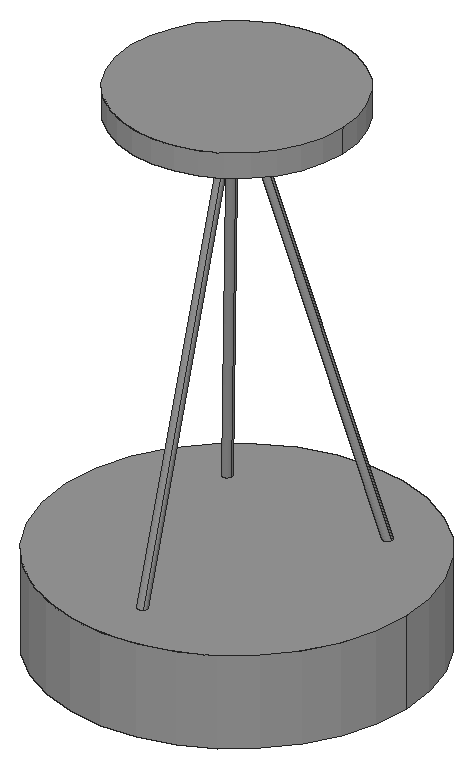
Revit family "METEOR_XS_28W_4000K_2240LM", category Lighting Fixtures, host Ceiling, Revit 2021
Family settings
  Host = Ceiling
  Round Connector Dimension = Use Diameter
  Part Type = Normal
  OmniClass Number = 23.80.70.11
  OmniClass Title = Luminaries for Internal Lighting
  Always vertical = Yes
  Cut with Voids When Loaded = No
  Light Source = Yes
  Shared = No
  Room Calculation Point = No
Parameters (values of type "Type 1")
  Wattage = 15.0799 W
  built-in parameter 1150110 = 1 (stored number, unit not read)
  Type de lampe = "LED Hongli"
  Type = "Plafonnier"
  built-in parameter 1114217 = 1 (stored number, unit not read)
  Tilt Angle = 90.00°
  built-in parameter 1150109 = 1 (stored number, unit not read)
  built-in parameter 1150134 = 12
  built-in parameter 1150113 = 1 (stored number, unit not read)
  Puissance nominale = "28W"
  Photometric Web File = "google_eulumdat_converter (22).ies"
  Matériau = "Corps en métal"
  Lumens = 2240 lm
  built-in parameter 1150115 = 1 (stored number, unit not read)
  built-in parameter 1150105 = 178.25 (stored number, unit not read)
  built-in parameter 1150137 = (empty or 0)
  built-in parameter 1150139 = (empty or 0)
  built-in parameter 1150112 = 1 (stored number, unit not read)
  built-in parameter 1150114 = 1 (stored number, unit not read)
  built-in parameter 1150132 = 2
  built-in parameter 1150102 = (empty or 0)
  built-in parameter 1150138 = (empty or 0)
  built-in parameter 1150107 = 4000 (stored number, unit not read)
  built-in parameter 1150106 = 1.7825 (stored number, unit not read)
  IRC = ">80"
  Fintion = "Blanc"
  built-in parameter 1150104 = 13.8 (stored number, unit not read)
  Driver = "Lifud No Flicker"
  Dimming Lamp Color Temperature Shift = <None>
  Dimensions = "Ø400 mm, H : 98 mm"
  Diffuseur = "Acrylique"
  Default Elevation = 0 mm
  Color Filter = 16777215
  built-in parameter 1114218 = 1 (stored number, unit not read)
  built-in parameter 1150133 = 10 (stored number, unit not read)
  Angle d'éclairage = "120°"
  Alimentation luminaire = "700mA / 25-42V dc"
  Alimentation Driver = "AC 220-240V"
Reference planes
  plane 1 "Light Source Axis (F/B)": y = 0
  plane 2: z = 0
  plane 3 "Light Source Axis (L/R)": x = 0
  plane 4 "Ceiling": z = 4000
  plane 5 "Light Source Elevation": z = 3411.095
Forms (mm)
  Extrusion 1, solid, material "Metal, Paint Finish, White, Matte"
    sketch origin (0, 0, 4000) x (0, 1, 0) y (-1, 0, 0)
      loop
        circle (0, 0) r 125
    from 0 to -27
  Extrusion 2, solid, material "Metal, Paint Finish, White, Matte"
    sketch origin (0, 0, 4000) x (0, 1, 0) y (-1, 0, 0)
      loop
        circle (0, 0) r 200
    from -587 to -489
  Extrusion 3, void
    sketch origin (0, 0, 4000) x (0, 1, 0) y (-1, 0, 0)
      loop
        circle (0, 0) r 195
    from -678.449 to -509.32
  Extrusion 4, solid, material "Glass, White, High Luminance"
    sketch origin (0, 0, 4000) x (0, 1, 0) y (-1, 0, 0)
      loop
        circle (0, 0) r 195
    from -587 to -582.901
  Blend 5, solid, material "Metal, Paint Finish, White, Matte"
    base sketch origin (45.529, -51.22, 4000) x (0, 1, 0) y (-1, 0, 0)
      loop
        circle (155.393, 140.306) r 5
    top sketch origin (45.529, -51.22, 4000) x (0, 1, 0) y (-1, 0, 0)
      loop
        circle (55.742, 54.078) r 5
    from -489 to -27
  Blend 6, solid, material "Metal, Paint Finish, White, Matte"
    base sketch origin (-44.817, -52.643, 4000) x (0, -1, 0) y (1, 0, 0)
      loop
        circle (-155.393, 140.306) r 5
    top sketch origin (-44.817, -52.643, 4000) x (0, -1, 0) y (1, 0, 0)
      loop
        circle (-55.742, 54.078) r 5
    from -489 to -27
  Blend 7, solid, material "Metal, Paint Finish, White, Matte"
    base sketch origin (-6.565, 70.03, 4000) x (-0.645234, -0.763985, 0) y (0.763985, -0.645234, 0)
      loop
        circle (155.393, 140.306) r 5
    top sketch origin (-6.565, 70.03, 4000) x (-0.645234, -0.763985, 0) y (0.763985, -0.645234, 0)
      loop
        circle (55.742, 54.078) r 5
    from -489 to -27
Cuts and joins
  Extrusion 3 cuts Extrusion 2
Lines and regions (mm)
  reference lines
    curve 1: line (0, 0, 4000) -> (0, 0, 3973)
    curve 2: line (0, 0, 3973) -> (-40, 0, 3973)
    curve 3: line (0, 0, 3413) -> (0, 0, 3511)
Dimensions and locks
  equal spacing: host sketch curve, plane 3 "Light Source Axis (L/R)", host sketch curve
  equal spacing: host sketch curve, plane 1 "Light Source Axis (F/B)", host sketch curve
  host sketch curve to host sketch curve = 4000 mm  (x2)
  plane 4 "Ceiling" to host ceiling = 0 mm
  aligned and locked: plane 5 "Light Source Elevation" to imposter light
